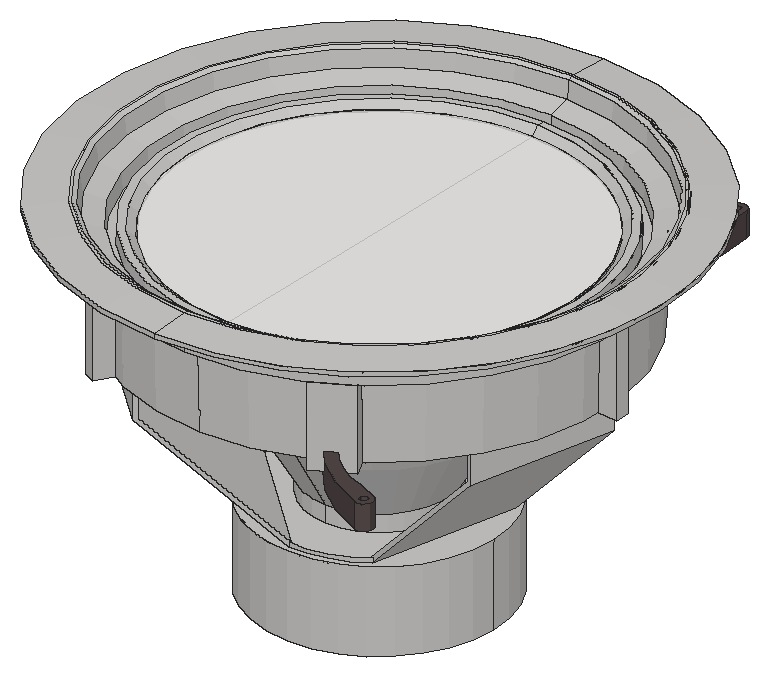
Revit family "CLighting-Luminii-Artemis_5_D", category Lighting Fixtures, host Face, Revit 2020
Family settings
  Host = Face
  Round Connector Dimension = Use Diameter
  Part Type = Normal
  OmniClass Number = 23.80.70.11.14.21
  OmniClass Title = Spots and Tracklight Specialties
  Cut with Voids When Loaded = No
  Light Source = Yes
  Shared = Yes
  Room Calculation Point = No
Parameters (values of type "Artemis 5")
  Width = 8 1/4"  # constant formula
  Wattage Comments = "13.7W"
  Wattage = 13.6999 W
  Warranty URL = "https://www.luminii.com/terms-conditions/"
  built-in parameter 1150110 = 1 (stored number, unit not read)
  Voltage Comments = "120V | 277V | 347V"  # constant formula
  Voltage = 120 V
  Version = "2020 - v1.0a"  # constant formula
  URL = "https://www.luminii.com/"
  built-in parameter 1114217 = 1 (stored number, unit not read)
  Tilt Angle = -90.00°  # constant formula
  built-in parameter 1150109 = 1 (stored number, unit not read)
  built-in parameter 1150134 = (empty or 0)
  built-in parameter 1150113 = 1 (stored number, unit not read)
  Support Phone = "224-699-9545"  # constant formula
  Support Email = "mailto:support@bimsmith.com"
  Product Page URL = "https://www.luminii.com/product/artemis-5-d-fl/"
  Power Source Type = "Driver"  # constant formula
  Power Factor = 1
  Photometric Web File = "AR5D-FL-A90-660-35-60-00.ies"
  Phase = 1
  Operating Temperature = "Consult Manufacturer Website for more Information"  # constant formula
  Number of Poles = if(and(or(Voltage = 120 V, Voltage = 277 V), Phase = 1), 1, if(and(or(Voltage = 208 V, Voltage = 240 V), Phase = 1), 2, if(and(or(Voltage = 208 V, Voltage = 240 V), Phase = 3), 3, if(and(Voltage > 300 V, Phase = 1), 2, if(and(Voltage > 400 V, Phase = 3), 3, 1)))))  # 1
  Mounting Method = "Recessed Ceiling Mount"  # constant formula
  Model = "AR5D"  # constant formula
  Manufacturer Phone Number = "403-216-7043"  # constant formula
  Manufacturer Email = "mailto: info@sensolighting.com"
  Manufacturer Address = "302 50 Ave SE. Calgary, Alberta, T2G 2A9 Canada"  # constant formula
  Manufacturer = "Luminii"  # constant formula
  built-in parameter 1150105 = 119.37 (stored number, unit not read)
  Lumens = 1500 lm
  Luminaire Type = "Recessed LED Downlight"  # constant formula
  built-in parameter 1150115 = 1 (stored number, unit not read)
  Load Classification = Lighting
  built-in parameter 1150137 = (empty or 0)
  built-in parameter 1150139 = (empty or 0)
  Lens Material = Plastic - Luminii - Frosted Lens
  Length = 5.79"  # constant formula
  built-in parameter 1150112 = 1 (stored number, unit not read)
  built-in parameter 1150114 = 1 (stored number, unit not read)
  Lamp Life = 1
  Lamp = "LED"  # constant formula
  Keynote = "26 50 00"
  built-in parameter 1150132 = 2
  built-in parameter 1150102 = (empty or 0)
  built-in parameter 1150107 = 3500 (stored number, unit not read)
  Initial Color Comments = "Perfomance based on 3500K Photometric Web File"  # constant formula
  built-in parameter 1150138 = (empty or 0)
  built-in parameter 1150106 = 1.1937 (stored number, unit not read)
  Housing Protection Rating = "Consult Manufacturer Website for more Information"  # constant formula
  Has Dimming = 1 = 1  # yes
  Has Battery Backup = 0 = 1  # no
  Frequency Comments = ""  # constant formula
  Frequency = 60 Hz
  Finish = Metal - Luminii - Silver Anodized Aluminum
  Environment = "Indoor"  # constant formula
  built-in parameter 1150104 = 10.172 (stored number, unit not read)
  Dimming Type = "Consult Manufacturer Website for more Information"  # constant formula
  Dimming Lamp Color Temperature Shift = <None>
  Description = "5inch downlight"  # constant formula
  Depth = 8 1/4"  # constant formula
  Default Elevation = 0"  # constant formula
  Current Amps = 50 A
  Copyright = "©2023 Luminii"  # constant formula
  Control Zone = "Consult Manufacturer Website for more Information"  # constant formula
  Control Type = "Consult Manufacturer Website for more Information"  # constant formula
  Constraints = 1  # constant formula
  Color Filter = 16777215
  built-in parameter 1114216 [instance] = 0  # (empty or 0)
  built-in parameter 1140040 [instance] = 1 = 1  # 1
  CCT = "3500K"
  built-in parameter 1114218 = 1 (stored number, unit not read)
  built-in parameter 1150133 = 10 (stored number, unit not read)
  Assembly Code = "D5020230"
  Apparent Load = Wattage / Power Factor  # 13.6999 VA
Reference planes (in)
  plane 1 "Center (Front/Back)": y = 0
  plane 2: z = 0
  plane 3 "Center (Left/Right)": x = 0
  plane 4: x = 0
  plane 5: x = 0
  plane 6: y = 4.125
  plane 7: y = -4.125
Forms (in)
  Extrusion 1, solid, material "Metal - Luminii - Silver Anodized Aluminum", not visible
    sketch origin (0, 0, 0) x (1, 0, 0) y (0, 1, 0)
      loop
        circle (0, 0) r 0.5
    from -5.05925 to -4.85946
  Extrusion 2, void
    sketch origin (0, 1.24288, 2.36) x (0, 1, 0) y (-1, 0, 0)
      loop
        circle (-1.24288, 0) r 3.59
    from -7.41925 to -2.36
Dimensions and locks (in)
  equal spacing: plane 4, plane 3 "Center (Left/Right)", plane 5
  equal spacing: plane 6, plane 1 "Center (Front/Back)", plane 7
  plane 4 to plane 5 = 0"
  "Width": plane 6 to plane 7
  locked: plane 2 to imposter light at 0.36626
  plane 2 to Extrusion 2 = 5.05925"
  aligned and locked: plane 2 to host face
  aligned and locked: plane 3 "Center (Left/Right)" to Extrusion 1 sketch curve
  aligned and locked: plane 1 "Center (Front/Back)" to Extrusion 1 sketch curve
  aligned and locked: imposter light to plane 3 "Center (Left/Right)"
  aligned and locked: imposter light to plane 1 "Center (Front/Back)"
  aligned and locked: plane 3 "Center (Left/Right)" to nested 1
  aligned and locked: plane 1 "Center (Front/Back)" to nested 1
  aligned and locked: plane 3 "Center (Left/Right)" to Extrusion 2 sketch curve
  aligned and locked: plane 1 "Center (Front/Back)" to Extrusion 2 sketch curve
  aligned and locked: level to Extrusion 2
Automatic sketch dimensions
  host sketch curve to host sketch curve = 96"  (x2)
  radius of Extrusion 1 sketch curve = 1/2"
  radius of Extrusion 2 sketch curve = 3.59"
Nested families (in)
  nested 1: "Nested - Lamp" at (0, 0, 0), type "Nested - Lamp"
Connectors (in)
  electrical at (0, 0, -5.05925), driven by "Number of Poles", driven by "Load Classification", driven by "Voltage", driven by "Apparent Load", driven by "Power Factor"
    settings: on Extrusion 1, index 1, voltage 120 V, apparent load 13.6999 VA, apparent load phase1 0 VA, apparent load phase2 0 VA, apparent load phase3 0 VA, power factor 1, load classification "Lighting", number of poles 1, system type 30, power factor state 1, is connector primary yes, connector utility no, sub classification motor no, connector description "Power Connection"
Definition of nested family "Nested - Lamp"
  Parameters (values of type "Nested - Lamp")
    Support Position = 1.3189"
    Screen Material = none
    Finish = none
    Default Elevation = 48"
    Constraint = 1
    20IN = Constraint = 4  # no
    16IN = Constraint = 3  # no
    12IN = Constraint = 2  # no
    10IN = Constraint = 1  # yes
  Reference planes (in)
    plane 1 "Center (Front/Back)": y = 0
    plane 2: z = 0
    plane 3 "Center (Left/Right)": x = 0
    plane 4: z = -0.8189
  Forms (in)
    Extrusion 1, solid
      sketch origin (0, 0, 0) x (1, 0, 0) y (0, 1, 0)
        loop
          line (-48, 48) -> (-48, -48) -> (48, -48) -> (48, 48) -> (-48, 48)
      from 0 to -12
    Revolve 2, solid, material <- "Finish"
      sketch origin (0, 0, -8.94014) x (0, 1, 0) y (0, 0, 1)
        loop
          line (0, 8.55768) -> (0, 5.06199) -> (0.98387, 5.06199) -> (0.98387, 5.36239)
          spline (0.98387, 5.36239) -> (1.23106, 5.7381) -> (1.43938, 6.09645) -> (1.61524, 6.43586) -> (1.76508, 6.75473) -> (1.89532, 7.05145) -> (2.01239, 7.32442) -> (2.12273, 7.57206) -> (2.23276, 7.79275) -> (2.34891, 7.98491) -> (2.4776, 8.14694) -> (2.62527, 8.27723) -> (2.79834, 8.3742)
          line (2.79834, 8.3742) -> (2.79834, 8.55768) -> (0, 8.55768)
        axis (0, 8.55768) -> (0, 5.06199)
      angle from 0 to 360
    Revolve 3, solid, material <- "Finish"
      sketch origin (0, 0, 0.09843) x (0, 1, 0) y (0, 0, 1)
        loop
          line (-3.58095, -0.52362) -> (-3.33678, -0.52362) -> (-3.30632, -1.69291) -> (-3.22776, -1.69291) -> (-3.22776, -0.625) -> (-2.79834, -0.625) -> (-2.79834, -0.48089) -> (-2.91632, -0.38189) -> (-3.02539, -0.38189) -> (-3.03567, -0.57874) -> (-3.15504, -0.57874) -> (-3.16294, -0.35034) -> (-3.44918, -0.27364) -> (-3.47843, -0.03539) -> (-3.53971, 0) -> (-3.57361, 0) -> (-4.13369, -0.03917) -> (-4.13369, -0.09843) -> (-3.5918, -0.09843) -> (-3.58095, -0.52362)
        axis (0, 0) -> (0, -1.69291)
      angle from 0 to 360
    Extrusion 4, solid, material <- "Finish", detail levels medium+fine
      sketch origin (0, 0, 0.09843) x (1, 0, 0) y (0, 1, 0)
        loop
          arc (-1.87461, -3.05107) -> (-1.79047, -3.10119) -> (-1.705, -3.14899) r 3.58095
          line (-1.705, -3.14899) -> (-1.56763, -2.91106)
          arc (-1.56763, -2.91106) -> (-1.65316, -2.86336) -> (-1.73724, -2.81314) r 3.30632
          line (-1.73724, -2.81314) -> (-1.87461, -3.05107)
        loop
          arc (1.52912, -3.23805) -> (1.79047, -3.10119) -> (2.03968, -2.94328) r 3.58095
          line (2.03968, -2.94328) -> (1.90186, -2.70457)
          arc (1.90186, -2.70457) -> (1.65316, -2.86336) -> (1.39129, -2.99934) r 3.30632
          line (1.39129, -2.99934) -> (1.52912, -3.23805)
        loop
          arc (3.30487, 0.09792) -> (3.30632, 0) -> (3.30487, -0.09792) r 3.30632
          line (3.30487, -0.09792) -> (3.57961, -0.09792)
          arc (3.57961, -0.09792) -> (3.58095, 0) -> (3.57961, 0.09792) r 3.58095
          line (3.57961, 0.09792) -> (3.30487, 0.09792)
        loop
          arc (1.39129, 2.99934) -> (1.65316, 2.86336) -> (1.90186, 2.70457) r 3.30632
          line (1.90186, 2.70457) -> (2.03968, 2.94328)
          arc (2.03968, 2.94328) -> (1.79047, 3.10119) -> (1.52912, 3.23805) r 3.58095
          line (1.52912, 3.23805) -> (1.39129, 2.99934)
        loop
          arc (-1.705, 3.14899) -> (-1.79047, 3.10119) -> (-1.87461, 3.05107) r 3.58095
          line (-1.87461, 3.05107) -> (-1.73724, 2.81314)
          arc (-1.73724, 2.81314) -> (-1.65316, 2.86336) -> (-1.56763, 2.91106) r 3.30632
          line (-1.56763, 2.91106) -> (-1.705, 3.14899)
        loop
          arc (-3.29315, -0.29477) -> (-3.30632, 0) -> (-3.29315, 0.29477) r 3.30632
          line (-3.29315, 0.29477) -> (-3.5688, 0.29477)
          arc (-3.5688, 0.29477) -> (-3.58095, 0) -> (-3.5688, -0.29477) r 3.58095
          line (-3.5688, -0.29477) -> (-3.29315, -0.29477)
      from -1.69291 to -0.52362
    Extrusion 5, solid, material <- "Finish", detail levels medium+fine
      sketch origin (0, 0, 0.09843) x (1, 0, 0) y (0, 0, 1)
        loop
          line (-1.18019, -2.58563) -> (-1.18019, -0.97146) -> (-1.23925, -0.97146) -> (-1.23925, -2.64469) -> (1.23925, -2.64469) -> (1.23925, -0.97146) -> (1.18019, -0.97146) -> (1.18019, -2.58563) -> (-1.18019, -2.58563)
      from -0.22638 to 0.22638
    Extrusion 6, solid, material <- "Finish", detail levels medium+fine
      sketch origin (0, 0, 0.09843) x (1, 0, 0) y (0, 1, 0)
        loop
          circle (0, 0) r 1.69164
      from -5.15768 to -3.97657
    Extrusion 7, solid, detail levels medium+fine
      sketch origin (0, 0, 0.09843) x (1, 0, 0) y (0, 1, 0)
        loop
          circle (1.68287, -2.91593) r 0.06846
        loop
          arc (1.79845, -3.00737) -> (1.69413, -2.76899) -> (1.55472, -2.98871) r 0.14737
          arc (1.55472, -2.98871) -> (2.07391, -3.51179) -> (2.72225, -3.86226) r 2.51953
          arc (2.72225, -3.86226) -> (2.88346, -3.78581) -> (2.81775, -3.61994) r 0.13051
          line (2.81775, -3.61994) -> (2.52122, -3.49407)
          arc (2.52122, -3.49407) -> (2.1161, -3.31568) -> (1.79845, -3.00737) r 1.2511
        loop
          circle (2.76204, -3.73796) r 0.05302
        loop
          circle (-3.36671, 0.00055) r 0.06846
        loop
          arc (-3.50369, -0.05382) -> (-3.24508, -0.08266) -> (-3.36566, 0.14792) r 0.14737
          arc (-3.36566, 0.14792) -> (-4.07826, -0.04017) -> (-4.70594, -0.42641) r 2.51953
          arc (-4.70594, -0.42641) -> (-4.72034, -0.60425) -> (-4.54383, -0.63027) r 0.13051
          line (-4.54383, -0.63027) -> (-4.28657, -0.43641)
          arc (-4.28657, -0.43641) -> (-3.92951, -0.17475) -> (-3.50369, -0.05382) r 1.2511
        loop
          circle (-4.61819, -0.52302) r 0.05302
        loop
          circle (1.68383, 2.91538) r 0.06846
        loop
          arc (1.70523, 3.06119) -> (1.55095, 2.85165) -> (1.81094, 2.84078) r 0.14737
          arc (1.81094, 2.84078) -> (2.00434, 3.55196) -> (1.98369, 4.28867) r 2.51953
          arc (1.98369, 4.28867) -> (1.83688, 4.39006) -> (1.72609, 4.25021) r 0.13051
          line (1.72609, 4.25021) -> (1.76534, 3.93048)
          arc (1.76534, 3.93048) -> (1.81341, 3.49043) -> (1.70523, 3.06119) r 1.2511
        loop
          circle (1.85615, 4.26098) r 0.05302
      from -1.77165 to -1.41732
    Extrusion 8, solid, material <- "Screen Material"
      sketch origin (0, 0, -0.40157) x (-1, 0, 0) y (0, 1, 0)
        loop
          circle (0, 0) r 2.79834
      from -0.01911 to -0.03531
    Extrusion 9, solid, material <- "Finish", detail levels medium+fine
      sketch origin (-2.73635, -2.93437, 0) x (0.681998, 0.731354, 0) y (0, 0, -1)
        loop
          line (1.05584, 2.03867) -> (2.89532, 3.87815) -> (2.80457, 3.87815) -> (0.99167, 2.06525) -> (0.99167, 0.65595) -> (1.05584, 0.65595) -> (1.05584, 2.03867)
      from -1.04706 to 1.04706
    Extrusion 10, solid, material <- "Finish", detail levels medium+fine
      sketch origin (-1.17307, 3.83693, 0) x (0.292372, -0.956305, 0) y (0, 0, -1)
        loop
          line (1.05584, 2.03867) -> (2.89532, 3.87815) -> (2.80457, 3.87815) -> (0.99167, 2.06525) -> (0.99167, 0.65595) -> (1.05584, 0.65595) -> (1.05584, 2.03867)
      from -1.04706 to 1.04706
    Extrusion 11, solid, material <- "Finish", detail levels medium+fine
      sketch origin (3.90942, -0.90256, 0) x (-0.97437, 0.224951, 0) y (0, 0, -1)
        loop
          line (1.05584, 2.03867) -> (2.89532, 3.87815) -> (2.80457, 3.87815) -> (0.99167, 2.06525) -> (0.99167, 0.65595) -> (1.05584, 0.65595) -> (1.05584, 2.03867)
      from -1.04706 to 1.04706
    Extrusion 12, solid, material <- "Finish", detail levels medium+fine
      sketch origin (0, 0, 0) x (1, 0, 0) y (0, 1, 0)
        loop
          arc (-1.3544, 0.84878) -> (-1.55742, 0.35956) -> (-1.58941, -0.16915) r 1.59839
          line (-1.58941, -0.16915) -> (-0.05787, -1.59734)
          arc (-0.05787, -1.59734) -> (0.46732, -1.52854) -> (0.94119, -1.29189) r 1.59839
          line (0.94119, -1.29189) -> (1.41227, 0.74856)
          arc (1.41227, 0.74856) -> (1.0901, 1.16899) -> (0.64822, 1.46104) r 1.59839
          line (0.64822, 1.46104) -> (-1.3544, 0.84878)
      from -3.87815 to -3.81398
  Cuts and joins
    joined: Extrusion 9, Extrusion 10, Extrusion 11, Extrusion 12
  Lines and regions (in)
    reference lines
      curve 1: line (0, 4.96412, -1.3189) -> (0, -4.4847, -1.3189)
      curve 2: line (0, 4.28833, -1.67323) -> (0, -3.97938, -1.67323)
      curve 3: line (0, 3.85327, -0.4252) -> (0, -3.69299, -0.4252)
  Dimensions and locks (in)
    locked: curve 2 to curve 1 at 0.35433
    locked: plane 2 to curve 3 at 0.4252
    "Support Position": level to curve 1
    level to curve 3 = 0.4252"
    aligned and locked: plane 2 to Extrusion 1
    aligned and locked: level to Extrusion 1
    aligned and locked: Extrusion 7 to curve 1
    aligned and locked: Extrusion 7 to curve 2
  Automatic sketch dimensions
    Extrusion 1 sketch curve to Extrusion 1 sketch curve = 96"  (x2)
    Revolve 2 sketch curve to plane 1 "Center (Front/Back)" = 0"  (x2)
    Revolve 2 sketch curve to plane 1 "Center (Front/Back)" = 0.98387"
    Revolve 2 sketch curve to plane 4 = 0.25295"
    Revolve 2 sketch curve to plane 1 "Center (Front/Back)" = 2.79834"
    plane 4 to Revolve 2 sketch curve = 2.75886"
    Revolve 2 sketch curve to Revolve 2 sketch curve = 0.30039"
    Revolve 2 sketch curve to Revolve 2 sketch curve = 0.18348"
    Revolve 2 sketch curve to Revolve 2 sketch curve = 0.6972"
    level to Revolve 2 sketch curve = 0.55921"
    Revolve 3 sketch curve to level = 0"
    Revolve 3 sketch curve to plane 1 "Center (Front/Back)" = 0"
    Revolve 3 sketch curve to level = 0.38246"
    plane 1 "Center (Front/Back)" to Revolve 3 sketch curve = 2.79834"
    Revolve 3 sketch curve to Revolve 3 sketch curve = 0.11798"
    Revolve 3 sketch curve to level = 0.28346"
    Revolve 3 sketch curve to Revolve 3 sketch curve = 0.10907"
    Revolve 3 sketch curve to Revolve 3 sketch curve = 0.01029"
    Revolve 3 sketch curve to Revolve 3 sketch curve = 0.11937"
    Revolve 3 sketch curve to level = 0.25191"
    Revolve 3 sketch curve to Revolve 3 sketch curve = 0.13756"
    Revolve 3 sketch curve to Revolve 3 sketch curve = 0.07272"
    plane 4 to Revolve 3 sketch curve = 0.77559"
    Revolve 3 sketch curve to Revolve 3 sketch curve = 0.07856"
    Revolve 3 sketch curve to Revolve 3 sketch curve = 0.10902"
    Revolve 3 sketch curve to level = 0.17522"
    Revolve 3 sketch curve to Revolve 3 sketch curve = 0.11239"
    level to Revolve 3 sketch curve = 0.06304"
    Revolve 3 sketch curve to Revolve 3 sketch curve = 0.02925"
    level to Revolve 3 sketch curve = 0.09842"
    Revolve 3 sketch curve to Revolve 3 sketch curve = 0.06128"
    Revolve 3 sketch curve to Revolve 3 sketch curve = 0.03389"
    Revolve 3 sketch curve to plane 4 = 0.3937"
    Revolve 3 sketch curve to Revolve 3 sketch curve = 0.24417"
    Revolve 3 sketch curve to Revolve 3 sketch curve = 0.01819"
    Revolve 3 sketch curve to Revolve 3 sketch curve = 0.5419"
    Revolve 3 sketch curve to Revolve 3 sketch curve = 0.10138"
    Revolve 3 sketch curve to Revolve 3 sketch curve = 0.04626"
    Revolve 3 sketch curve to Revolve 3 sketch curve = 0.05926"
    level to Revolve 3 sketch curve = 0.65154"
    Revolve 3 sketch curve to Revolve 3 sketch curve = 0.63736"
    Extrusion 4 sketch curve to Extrusion 4 sketch curve = 0"  (x132)
    plane 1 "Center (Front/Back)" to Extrusion 4 sketch curve = 0"
    Extrusion 4 sketch curve to plane 3 "Center (Left/Right)" = 0"
    Extrusion 4 sketch curve to plane 3 "Center (Left/Right)" = 1.56763"  (x2)
    Extrusion 4 sketch curve to Extrusion 4 sketch curve = 0.13737"  (x2)
    Extrusion 4 sketch curve to Extrusion 4 sketch curve = 0.16961"  (x4)
    plane 1 "Center (Front/Back)" to Extrusion 4 sketch curve = 0.29477"
    Extrusion 4 sketch curve to Extrusion 4 sketch curve = 1.55591"
    Extrusion 4 sketch curve to plane 1 "Center (Front/Back)" = 0.29477"
    Extrusion 4 sketch curve to Extrusion 4 sketch curve = 0.27564"
    plane 3 "Center (Left/Right)" to Extrusion 4 sketch curve = 1.39129"  (x2)
    Extrusion 4 sketch curve to Extrusion 4 sketch curve = 0.13782"  (x4)
    Extrusion 4 sketch curve to Extrusion 4 sketch curve = 0.51056"  (x2)
    Extrusion 4 sketch curve to plane 1 "Center (Front/Back)" = 0.09792"
    Extrusion 4 sketch curve to Extrusion 4 sketch curve = 1.40301"
    plane 1 "Center (Front/Back)" to Extrusion 4 sketch curve = 0.09792"
    Extrusion 4 sketch curve to Extrusion 4 sketch curve = 0.27474"
    plane 1 "Center (Front/Back)" to Extrusion 4 sketch curve = 2.70457"
    plane 1 "Center (Front/Back)" to Extrusion 4 sketch curve = 2.81314"
    Extrusion 4 sketch curve to Extrusion 4 sketch curve = 0.23871"  (x2)
    Extrusion 4 sketch curve to Extrusion 4 sketch curve = 0.23793"  (x2)
    Extrusion 4 sketch curve to plane 1 "Center (Front/Back)" = 2.70457"
    Extrusion 4 sketch curve to plane 1 "Center (Front/Back)" = 2.81314"
    plane 4 to Extrusion 5 sketch curve = 0.05414"  (x2)
    Extrusion 5 sketch curve to plane 3 "Center (Left/Right)" = 1.23925"
    Extrusion 5 sketch curve to Extrusion 5 sketch curve = 0.05906"  (x3)
    plane 3 "Center (Left/Right)" to Extrusion 5 sketch curve = 1.18019"
    Extrusion 5 sketch curve to Extrusion 5 sketch curve = 1.61417"
    plane 1 "Center (Front/Back)" to Extrusion 6 sketch curve = 0"
    Extrusion 6 sketch curve to plane 3 "Center (Left/Right)" = 0"
    Extrusion 7 sketch curve to Extrusion 7 sketch curve = 0"  (x12)
    plane 1 "Center (Front/Back)" to Extrusion 7 sketch curve = 0.52302"
    Extrusion 7 sketch curve to plane 3 "Center (Left/Right)" = 4.61819"
    plane 1 "Center (Front/Back)" to Extrusion 7 sketch curve = 0.63027"
    Extrusion 7 sketch curve to Extrusion 7 sketch curve = 0.07436"
    plane 1 "Center (Front/Back)" to Extrusion 7 sketch curve = 0.43641"
    Extrusion 7 sketch curve to Extrusion 7 sketch curve = 0.25726"
    Extrusion 7 sketch curve to Extrusion 7 sketch curve = 0.90637"
    Extrusion 7 sketch curve to plane 1 "Center (Front/Back)" = 0.00055"
    Extrusion 7 sketch curve to Extrusion 7 sketch curve = 0.91986"
    Extrusion 7 sketch curve to Extrusion 7 sketch curve = 0.29433"
    Extrusion 7 sketch curve to plane 3 "Center (Left/Right)" = 0.49745"
    plane 3 "Center (Left/Right)" to Extrusion 7 sketch curve = 0.56529"
    plane 3 "Center (Left/Right)" to Extrusion 7 sketch curve = 1.68287"
    Extrusion 7 sketch curve to Extrusion 7 sketch curve = 1.11854"
    Extrusion 7 sketch curve to Extrusion 7 sketch curve = 0.04225"
    Extrusion 7 sketch curve to Extrusion 7 sketch curve = 0.03926"
    Extrusion 7 sketch curve to Extrusion 7 sketch curve = 0.13006"
    Extrusion 7 sketch curve to Extrusion 7 sketch curve = 0.83835"
    Extrusion 7 sketch curve to Extrusion 7 sketch curve = 0.24082"
    Extrusion 7 sketch curve to Extrusion 7 sketch curve = 0.29368"
    Extrusion 7 sketch curve to Extrusion 7 sketch curve = 0.0557"
    Extrusion 7 sketch curve to Extrusion 7 sketch curve = 0.76841"
    Extrusion 7 sketch curve to Extrusion 7 sketch curve = 0.8624"
    plane 1 "Center (Front/Back)" to Extrusion 7 sketch curve = 1.49442"
    Extrusion 7 sketch curve to Extrusion 7 sketch curve = 0.7835"
    Extrusion 7 sketch curve to Extrusion 7 sketch curve = 1.05722"
    Extrusion 7 sketch curve to Extrusion 7 sketch curve = 0.638"
    Extrusion 7 sketch curve to Extrusion 7 sketch curve = 37/64"
    Extrusion 7 sketch curve to Extrusion 7 sketch curve = 0.12587"
    Extrusion 7 sketch curve to Extrusion 7 sketch curve = 0.11802"
    Extrusion 7 sketch curve to plane 1 "Center (Front/Back)" = 2.91538"
    Extrusion 7 sketch curve to Extrusion 7 sketch curve = 0.66136"
    Extrusion 7 sketch curve to Extrusion 7 sketch curve = 0.27371"
    Extrusion 7 sketch curve to Extrusion 7 sketch curve = 1.0151"
    Extrusion 7 sketch curve to Extrusion 7 sketch curve = 0.31973"
    Extrusion 7 sketch curve to Extrusion 7 sketch curve = 0.01077"
    Extrusion 7 sketch curve to Extrusion 7 sketch curve = 0.08774"
    plane 1 "Center (Front/Back)" to Extrusion 7 sketch curve = 0.05382"
    Extrusion 7 sketch curve to Extrusion 7 sketch curve = 0.12815"
    Extrusion 7 sketch curve to Extrusion 7 sketch curve = 0.0214"
    Extrusion 7 sketch curve to Extrusion 7 sketch curve = 0.11558"
    Extrusion 7 sketch curve to Extrusion 7 sketch curve = 0.1271"
    Extrusion 9 sketch curve to Extrusion 9 sketch curve = 0.06417"
    Extrusion 9 sketch curve to Extrusion 9 sketch curve = 0.09075"
    Extrusion 9 sketch curve to Extrusion 9 sketch curve = 1.38272"
    Extrusion 9 sketch curve to Extrusion 9 sketch curve = 0.02658"
    Extrusion 9 sketch curve to plane 4 = 0.16295"
    Extrusion 9 sketch curve to Extrusion 9 sketch curve = 1.74872"
    Extrusion 9 sketch curve to Extrusion 9 sketch curve = 1.83948"
    Extrusion 10 sketch curve to plane 4 = 0.16295"
    Extrusion 10 sketch curve to Extrusion 10 sketch curve = 0.06417"
    Extrusion 10 sketch curve to Extrusion 10 sketch curve = 1.74872"
    plane 4 to Extrusion 10 sketch curve = 3.05925"
    Extrusion 10 sketch curve to Extrusion 10 sketch curve = 0.09075"
    plane 4 to Extrusion 10 sketch curve = 1.21977"
    Extrusion 10 sketch curve to Extrusion 10 sketch curve = 0.02658"
    Extrusion 11 sketch curve to plane 4 = 0.16295"
    Extrusion 11 sketch curve to Extrusion 11 sketch curve = 0.06417"
    Extrusion 11 sketch curve to Extrusion 11 sketch curve = 1.74872"
    plane 4 to Extrusion 11 sketch curve = 3.05925"
    Extrusion 11 sketch curve to Extrusion 11 sketch curve = 0.09075"
    plane 4 to Extrusion 11 sketch curve = 1.21977"
    Extrusion 11 sketch curve to Extrusion 11 sketch curve = 0.02658"
    plane 1 "Center (Front/Back)" to Extrusion 12 sketch curve = 0"
    Extrusion 12 sketch curve to plane 3 "Center (Left/Right)" = 0"
    plane 1 "Center (Front/Back)" to Extrusion 12 sketch curve = 0.16915"
    plane 3 "Center (Left/Right)" to Extrusion 12 sketch curve = 0.94119"
    Extrusion 12 sketch curve to plane 1 "Center (Front/Back)" = 0.84878"
    plane 3 "Center (Left/Right)" to Extrusion 12 sketch curve = 0.64822"
    Extrusion 12 sketch curve to Extrusion 12 sketch curve = 0.23501"
    Extrusion 12 sketch curve to Extrusion 12 sketch curve = 0"  (x4)
    Extrusion 12 sketch curve to plane 3 "Center (Left/Right)" = 0.05787"
    Extrusion 12 sketch curve to plane 1 "Center (Front/Back)" = 0.74856"
    plane 1 "Center (Front/Back)" to Extrusion 12 sketch curve = 1.59734"
    Extrusion 12 sketch curve to Extrusion 12 sketch curve = 0.71249"
    plane 1 "Center (Front/Back)" to curve 1 = 4.4847"
    curve 1 to curve 2 = 0.50532"
    curve 1 to curve 3 = 0.79172"
    curve 3 to plane 1 "Center (Front/Back)" = 3.85327"
    curve 3 to curve 2 = 0.43507"
    curve 2 to curve 1 = 173/256"
    radius of Extrusion 6 sketch curve = 1.69164"
    radius of Extrusion 7 sketch curve = 0.06846"  (x3)
    radius of Extrusion 7 sketch curve = 0.05302"  (x3)
